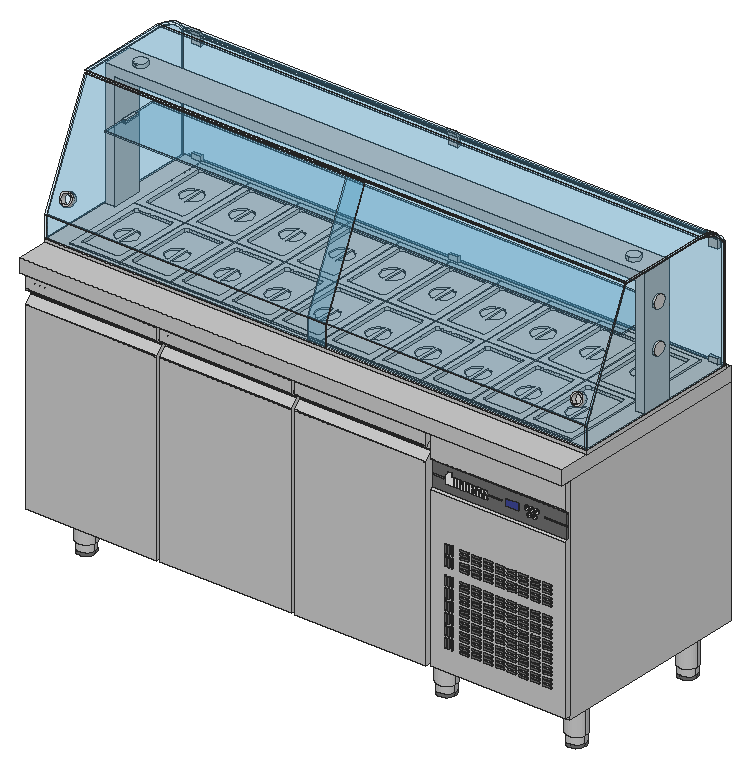
Revit family "QF_INOMAK_ZQFP999_250528111635", category Specialty Equipment, Revit 2021 (continued)
Definition of nested family "QF_INOMAK_REF_WORKTOPS_WTVF_1810_7123"
  Forms (mm)
    Extrusion 37, solid
      sketch origin (0, 1874.578, 46) x (0, 1, 0) y (-1, 0, 0)
        loop
          line (-2162.578, -1590) -> (-2162.578, -1696)
          arc (-2162.578, -1696) -> (-2159.649, -1703.071) -> (-2152.578, -1706) r 10
          line (-2152.578, -1706) -> (-1944.578, -1706)
          arc (-1944.578, -1706) -> (-1937.507, -1703.071) -> (-1934.578, -1696) r 10
          line (-1934.578, -1696) -> (-1934.578, -1590)
      from 0 to 13
    Extrusion 38, solid
      sketch origin (-9, 1874.578, 46) x (0, 1, 0) y (-1, 0, 0)
        loop
          arc (-2420.578, -95) -> (-2427.649, -97.929) -> (-2430.578, -105) r 10
          line (-2430.578, -105) -> (-2430.578, -211)
          arc (-2430.578, -211) -> (-2427.649, -218.071) -> (-2420.578, -221) r 10
          line (-2420.578, -221) -> (-2212.578, -221)
          arc (-2212.578, -221) -> (-2205.507, -218.071) -> (-2202.578, -211) r 10
          line (-2202.578, -211) -> (-2202.578, -105)
          arc (-2202.578, -105) -> (-2205.507, -97.929) -> (-2212.578, -95) r 10
          line (-2212.578, -95) -> (-2420.578, -95)
        loop
          arc (-2282.937, -153) -> (-2317.578, -123) -> (-2352.219, -153) r 35
          line (-2352.219, -153) -> (-2282.937, -153)
        loop
          line (-2282.937, -163) -> (-2352.219, -163)
          arc (-2352.219, -163) -> (-2317.578, -193) -> (-2282.937, -163) r 35
      from 2 to 5
    Extrusion 39, solid
      sketch origin (-9, 1874.578, 46) x (0, 1, 0) y (-1, 0, 0)
        loop
          line (-2182.578, -75) -> (-2450.578, -75) -> (-2450.578, -241) -> (-2182.578, -241) -> (-2182.578, -75)
        loop
          arc (-2202.578, -105) -> (-2205.507, -97.929) -> (-2212.578, -95) r 10
          line (-2212.578, -95) -> (-2420.578, -95)
          arc (-2420.578, -95) -> (-2427.649, -97.929) -> (-2430.578, -105) r 10
          line (-2430.578, -105) -> (-2430.578, -211)
          arc (-2430.578, -211) -> (-2427.649, -218.071) -> (-2420.578, -221) r 10
          line (-2420.578, -221) -> (-2212.578, -221)
          arc (-2212.578, -221) -> (-2205.507, -218.071) -> (-2202.578, -211) r 10
          line (-2202.578, -211) -> (-2202.578, -105)
      from 0 to 13
    Extrusion 40, solid
      sketch origin (-9, 1874.578, 46) x (0, 1, 0) y (-1, 0, 0)
        loop
          arc (-2420.578, -261) -> (-2427.649, -263.929) -> (-2430.578, -271) r 10
          line (-2430.578, -271) -> (-2430.578, -377)
          arc (-2430.578, -377) -> (-2427.649, -384.071) -> (-2420.578, -387) r 10
          line (-2420.578, -387) -> (-2212.578, -387)
          arc (-2212.578, -387) -> (-2205.507, -384.071) -> (-2202.578, -377) r 10
          line (-2202.578, -377) -> (-2202.578, -271)
          arc (-2202.578, -271) -> (-2205.507, -263.929) -> (-2212.578, -261) r 10
          line (-2212.578, -261) -> (-2420.578, -261)
        loop
          arc (-2282.937, -319) -> (-2317.578, -289) -> (-2352.219, -319) r 35
          line (-2352.219, -319) -> (-2282.937, -319)
        loop
          line (-2282.937, -329) -> (-2352.219, -329)
          arc (-2352.219, -329) -> (-2317.578, -359) -> (-2282.937, -329) r 35
      from 2 to 5
    Extrusion 41, solid
      sketch origin (-9, 1874.578, 46) x (0, 1, 0) y (-1, 0, 0)
        loop
          line (-2182.578, -241) -> (-2450.578, -241) -> (-2450.578, -407) -> (-2182.578, -407) -> (-2182.578, -241)
        loop
          arc (-2202.578, -271) -> (-2205.507, -263.929) -> (-2212.578, -261) r 10
          line (-2212.578, -261) -> (-2420.578, -261)
          arc (-2420.578, -261) -> (-2427.649, -263.929) -> (-2430.578, -271) r 10
          line (-2430.578, -271) -> (-2430.578, -377)
          arc (-2430.578, -377) -> (-2427.649, -384.071) -> (-2420.578, -387) r 10
          line (-2420.578, -387) -> (-2212.578, -387)
          arc (-2212.578, -387) -> (-2205.507, -384.071) -> (-2202.578, -377) r 10
          line (-2202.578, -377) -> (-2202.578, -271)
      from 0 to 13
    Extrusion 42, solid
      sketch origin (0, 1874.578, 46) x (0, 1, 0) y (-1, 0, 0)
        loop
          arc (-2420.578, -1248) -> (-2427.649, -1250.929) -> (-2430.578, -1258) r 10
          line (-2430.578, -1258) -> (-2430.578, -1364)
          arc (-2430.578, -1364) -> (-2427.649, -1371.071) -> (-2420.578, -1374) r 10
          line (-2420.578, -1374) -> (-2212.578, -1374)
          arc (-2212.578, -1374) -> (-2205.507, -1371.071) -> (-2202.578, -1364) r 10
          line (-2202.578, -1364) -> (-2202.578, -1258)
          arc (-2202.578, -1258) -> (-2205.507, -1250.929) -> (-2212.578, -1248) r 10
          line (-2212.578, -1248) -> (-2420.578, -1248)
        loop
          arc (-2282.937, -1306) -> (-2317.578, -1276) -> (-2352.219, -1306) r 35
          line (-2352.219, -1306) -> (-2282.937, -1306)
        loop
          line (-2282.937, -1316) -> (-2352.219, -1316)
          arc (-2352.219, -1316) -> (-2317.578, -1346) -> (-2282.937, -1316) r 35
      from 2 to 5
    Extrusion 43, solid
      sketch origin (0, 1874.578, 46) x (0, 1, 0) y (-1, 0, 0)
        loop
          line (-2182.578, -1228) -> (-2450.578, -1228) -> (-2450.578, -1394) -> (-2182.578, -1394) -> (-2182.578, -1228)
        loop
          arc (-2202.578, -1258) -> (-2205.507, -1250.929) -> (-2212.578, -1248) r 10
          line (-2212.578, -1248) -> (-2420.578, -1248)
          arc (-2420.578, -1248) -> (-2427.649, -1250.929) -> (-2430.578, -1258) r 10
          line (-2430.578, -1258) -> (-2430.578, -1364)
          arc (-2430.578, -1364) -> (-2427.649, -1371.071) -> (-2420.578, -1374) r 10
          line (-2420.578, -1374) -> (-2212.578, -1374)
          arc (-2212.578, -1374) -> (-2205.507, -1371.071) -> (-2202.578, -1364) r 10
          line (-2202.578, -1364) -> (-2202.578, -1258)
      from 0 to 13
    Extrusion 44, solid
      sketch origin (0, 1874.578, 46) x (0, 1, 0) y (-1, 0, 0)
        loop
          arc (-2420.578, -1414) -> (-2427.649, -1416.929) -> (-2430.578, -1424) r 10
          line (-2430.578, -1424) -> (-2430.578, -1530)
          arc (-2430.578, -1530) -> (-2427.649, -1537.071) -> (-2420.578, -1540) r 10
          line (-2420.578, -1540) -> (-2212.578, -1540)
          arc (-2212.578, -1540) -> (-2205.507, -1537.071) -> (-2202.578, -1530) r 10
          line (-2202.578, -1530) -> (-2202.578, -1424)
          arc (-2202.578, -1424) -> (-2205.507, -1416.929) -> (-2212.578, -1414) r 10
          line (-2212.578, -1414) -> (-2420.578, -1414)
        loop
          arc (-2282.937, -1472) -> (-2317.578, -1442) -> (-2352.219, -1472) r 35
          line (-2352.219, -1472) -> (-2282.937, -1472)
        loop
          line (-2282.937, -1482) -> (-2352.219, -1482)
          arc (-2352.219, -1482) -> (-2317.578, -1512) -> (-2282.937, -1482) r 35
      from 2 to 5
    Extrusion 45, solid
      sketch origin (0, 1874.578, 46) x (0, 1, 0) y (-1, 0, 0)
        loop
          line (-2182.578, -1394) -> (-2450.578, -1394) -> (-2450.578, -1560) -> (-2182.578, -1560) -> (-2182.578, -1394)
        loop
          arc (-2202.578, -1424) -> (-2205.507, -1416.929) -> (-2212.578, -1414) r 10
          line (-2212.578, -1414) -> (-2420.578, -1414)
          arc (-2420.578, -1414) -> (-2427.649, -1416.929) -> (-2430.578, -1424) r 10
          line (-2430.578, -1424) -> (-2430.578, -1530)
          arc (-2430.578, -1530) -> (-2427.649, -1537.071) -> (-2420.578, -1540) r 10
          line (-2420.578, -1540) -> (-2212.578, -1540)
          arc (-2212.578, -1540) -> (-2205.507, -1537.071) -> (-2202.578, -1530) r 10
          line (-2202.578, -1530) -> (-2202.578, -1424)
      from 0 to 13
    Extrusion 46, solid
      sketch origin (0, 1874.578, 46) x (0, 1, 0) y (-1, 0, 0)
        loop
          arc (-2420.578, -1580) -> (-2427.649, -1582.929) -> (-2430.578, -1590) r 10
          line (-2430.578, -1590) -> (-2430.578, -1696)
          arc (-2430.578, -1696) -> (-2427.649, -1703.071) -> (-2420.578, -1706) r 10
          line (-2420.578, -1706) -> (-2212.578, -1706)
          arc (-2212.578, -1706) -> (-2205.507, -1703.071) -> (-2202.578, -1696) r 10
          line (-2202.578, -1696) -> (-2202.578, -1590)
          arc (-2202.578, -1590) -> (-2205.507, -1582.929) -> (-2212.578, -1580) r 10
          line (-2212.578, -1580) -> (-2420.578, -1580)
        loop
          arc (-2282.937, -1638) -> (-2317.578, -1608) -> (-2352.219, -1638) r 35
          line (-2352.219, -1638) -> (-2282.937, -1638)
        loop
          line (-2282.937, -1648) -> (-2352.219, -1648)
          arc (-2352.219, -1648) -> (-2317.578, -1678) -> (-2282.937, -1648) r 35
      from 2 to 5
    Extrusion 47, solid
      sketch origin (0, 1874.578, 46) x (0, 1, 0) y (-1, 0, 0)
        loop
          line (-2182.578, -1560) -> (-2450.578, -1560) -> (-2450.578, -1726) -> (-2182.578, -1726) -> (-2182.578, -1560)
        loop
          arc (-2202.578, -1590) -> (-2205.507, -1582.929) -> (-2212.578, -1580) r 10
          line (-2212.578, -1580) -> (-2420.578, -1580)
          arc (-2420.578, -1580) -> (-2427.649, -1582.929) -> (-2430.578, -1590) r 10
          line (-2430.578, -1590) -> (-2430.578, -1696)
          arc (-2430.578, -1696) -> (-2427.649, -1703.071) -> (-2420.578, -1706) r 10
          line (-2420.578, -1706) -> (-2212.578, -1706)
          arc (-2212.578, -1706) -> (-2205.507, -1703.071) -> (-2202.578, -1696) r 10
          line (-2202.578, -1696) -> (-2202.578, -1590)
      from 0 to 13
    Extrusion 48, solid
      sketch origin (-9, 1874.578, 46) x (0, 1, 0) y (-1, 0, 0)
        loop
          arc (-2152.578, -427) -> (-2159.649, -429.929) -> (-2162.578, -437) r 10
          line (-2162.578, -437) -> (-2162.578, -543)
          arc (-2162.578, -543) -> (-2159.649, -550.071) -> (-2152.578, -553) r 10
          line (-2152.578, -553) -> (-1944.578, -553)
          arc (-1944.578, -553) -> (-1937.507, -550.071) -> (-1934.578, -543) r 10
          line (-1934.578, -543) -> (-1934.578, -437)
          arc (-1934.578, -437) -> (-1937.507, -429.929) -> (-1944.578, -427) r 10
          line (-1944.578, -427) -> (-2152.578, -427)
        loop
          arc (-2014.937, -485) -> (-2049.578, -455) -> (-2084.219, -485) r 35
          line (-2084.219, -485) -> (-2014.937, -485)
        loop
          line (-2014.937, -495) -> (-2084.219, -495)
          arc (-2084.219, -495) -> (-2049.578, -525) -> (-2014.937, -495) r 35
      from 2 to 5
    Extrusion 49, solid
      sketch origin (-9, 1874.578, 46) x (0, 1, 0) y (-1, 0, 0)
        loop
          line (-1914.578, -407) -> (-2182.578, -407) -> (-2182.578, -573) -> (-1914.578, -573) -> (-1914.578, -407)
        loop
          arc (-1934.578, -437) -> (-1937.507, -429.929) -> (-1944.578, -427) r 10
          line (-1944.578, -427) -> (-2152.578, -427)
          arc (-2152.578, -427) -> (-2159.649, -429.929) -> (-2162.578, -437) r 10
          line (-2162.578, -437) -> (-2162.578, -543)
          arc (-2162.578, -543) -> (-2159.649, -550.071) -> (-2152.578, -553) r 10
          line (-2152.578, -553) -> (-1944.578, -553)
          arc (-1944.578, -553) -> (-1937.507, -550.071) -> (-1934.578, -543) r 10
          line (-1934.578, -543) -> (-1934.578, -437)
      from 0 to 13
    Extrusion 50, solid
      sketch origin (0, 1874.578, 46) x (0, 1, 0) y (-1, 0, 0)
        loop
          arc (-2152.578, -1082) -> (-2159.649, -1084.929) -> (-2162.578, -1092) r 10
          line (-2162.578, -1092) -> (-2162.578, -1198)
          arc (-2162.578, -1198) -> (-2159.649, -1205.071) -> (-2152.578, -1208) r 10
          line (-2152.578, -1208) -> (-1944.578, -1208)
          arc (-1944.578, -1208) -> (-1937.507, -1205.071) -> (-1934.578, -1198) r 10
          line (-1934.578, -1198) -> (-1934.578, -1092)
          arc (-1934.578, -1092) -> (-1937.507, -1084.929) -> (-1944.578, -1082) r 10
          line (-1944.578, -1082) -> (-2152.578, -1082)
        loop
          arc (-2014.937, -1140) -> (-2049.578, -1110) -> (-2084.219, -1140) r 35
          line (-2084.219, -1140) -> (-2014.937, -1140)
        loop
          line (-2014.937, -1150) -> (-2084.219, -1150)
          arc (-2084.219, -1150) -> (-2049.578, -1180) -> (-2014.937, -1150) r 35
      from 2 to 5
    Extrusion 51, solid
      sketch origin (0, 1874.578, 46) x (0, 1, 0) y (-1, 0, 0)
        loop
          line (-1914.578, -1062) -> (-2182.578, -1062) -> (-2182.578, -1228) -> (-1914.578, -1228) -> (-1914.578, -1062)
        loop
          arc (-1934.578, -1092) -> (-1937.507, -1084.929) -> (-1944.578, -1082) r 10
          line (-1944.578, -1082) -> (-2152.578, -1082)
          arc (-2152.578, -1082) -> (-2159.649, -1084.929) -> (-2162.578, -1092) r 10
          line (-2162.578, -1092) -> (-2162.578, -1198)
          arc (-2162.578, -1198) -> (-2159.649, -1205.071) -> (-2152.578, -1208) r 10
          line (-2152.578, -1208) -> (-1944.578, -1208)
          arc (-1944.578, -1208) -> (-1937.507, -1205.071) -> (-1934.578, -1198) r 10
          line (-1934.578, -1198) -> (-1934.578, -1092)
      from 0 to 13
    Extrusion 52, solid
      sketch origin (-9, 1874.578, 46) x (0, 1, 0) y (-1, 0, 0)
        loop
          arc (-2420.578, -427) -> (-2427.649, -429.929) -> (-2430.578, -437) r 10
          line (-2430.578, -437) -> (-2430.578, -543)
          arc (-2430.578, -543) -> (-2427.649, -550.071) -> (-2420.578, -553) r 10
          line (-2420.578, -553) -> (-2212.578, -553)
          arc (-2212.578, -553) -> (-2205.507, -550.071) -> (-2202.578, -543) r 10
          line (-2202.578, -543) -> (-2202.578, -437)
          arc (-2202.578, -437) -> (-2205.507, -429.929) -> (-2212.578, -427) r 10
          line (-2212.578, -427) -> (-2420.578, -427)
        loop
          arc (-2282.937, -485) -> (-2317.578, -455) -> (-2352.219, -485) r 35
          line (-2352.219, -485) -> (-2282.937, -485)
        loop
          line (-2282.937, -495) -> (-2352.219, -495)
          arc (-2352.219, -495) -> (-2317.578, -525) -> (-2282.937, -495) r 35
      from 2 to 5
    Extrusion 53, solid
      sketch origin (-9, 1874.578, 46) x (0, 1, 0) y (-1, 0, 0)
        loop
          line (-2182.578, -407) -> (-2450.578, -407) -> (-2450.578, -573) -> (-2182.578, -573) -> (-2182.578, -407)
        loop
          arc (-2202.578, -437) -> (-2205.507, -429.929) -> (-2212.578, -427) r 10
          line (-2212.578, -427) -> (-2420.578, -427)
          arc (-2420.578, -427) -> (-2427.649, -429.929) -> (-2430.578, -437) r 10
          line (-2430.578, -437) -> (-2430.578, -543)
          arc (-2430.578, -543) -> (-2427.649, -550.071) -> (-2420.578, -553) r 10
          line (-2420.578, -553) -> (-2212.578, -553)
          arc (-2212.578, -553) -> (-2205.507, -550.071) -> (-2202.578, -543) r 10
          line (-2202.578, -543) -> (-2202.578, -437)
      from 0 to 13
    Extrusion 54, solid
      sketch origin (0, 1874.578, 46) x (0, 1, 0) y (-1, 0, 0)
        loop
          arc (-2420.578, -1082) -> (-2427.649, -1084.929) -> (-2430.578, -1092) r 10
          line (-2430.578, -1092) -> (-2430.578, -1198)
          arc (-2430.578, -1198) -> (-2427.649, -1205.071) -> (-2420.578, -1208) r 10
          line (-2420.578, -1208) -> (-2212.578, -1208)
          arc (-2212.578, -1208) -> (-2205.507, -1205.071) -> (-2202.578, -1198) r 10
          line (-2202.578, -1198) -> (-2202.578, -1092)
          arc (-2202.578, -1092) -> (-2205.507, -1084.929) -> (-2212.578, -1082) r 10
          line (-2212.578, -1082) -> (-2420.578, -1082)
        loop
          arc (-2282.937, -1140) -> (-2317.578, -1110) -> (-2352.219, -1140) r 35
          line (-2352.219, -1140) -> (-2282.937, -1140)
        loop
          line (-2282.937, -1150) -> (-2352.219, -1150)
          arc (-2352.219, -1150) -> (-2317.578, -1180) -> (-2282.937, -1150) r 35
      from 2 to 5
    Extrusion 55, solid
      sketch origin (0, 1874.578, 46) x (0, 1, 0) y (-1, 0, 0)
        loop
          line (-2182.578, -1062) -> (-2450.578, -1062) -> (-2450.578, -1228) -> (-2182.578, -1228) -> (-2182.578, -1062)
        loop
          arc (-2202.578, -1092) -> (-2205.507, -1084.929) -> (-2212.578, -1082) r 10
          line (-2212.578, -1082) -> (-2420.578, -1082)
          arc (-2420.578, -1082) -> (-2427.649, -1084.929) -> (-2430.578, -1092) r 10
          line (-2430.578, -1092) -> (-2430.578, -1198)
          arc (-2430.578, -1198) -> (-2427.649, -1205.071) -> (-2420.578, -1208) r 10
          line (-2420.578, -1208) -> (-2212.578, -1208)
          arc (-2212.578, -1208) -> (-2205.507, -1205.071) -> (-2202.578, -1198) r 10
          line (-2202.578, -1198) -> (-2202.578, -1092)
      from 0 to 13
    Extrusion 56, solid
      sketch origin (-9, 1874.578, 46) x (0, 1, 0) y (-1, 0, 0)
        loop
          arc (-2152.578, -593) -> (-2159.649, -595.929) -> (-2162.578, -603) r 10
          line (-2162.578, -603) -> (-2162.578, -709)
          arc (-2162.578, -709) -> (-2159.649, -716.071) -> (-2152.578, -719) r 10
          line (-2152.578, -719) -> (-1944.578, -719)
          arc (-1944.578, -719) -> (-1937.507, -716.071) -> (-1934.578, -709) r 10
          line (-1934.578, -709) -> (-1934.578, -603)
          arc (-1934.578, -603) -> (-1937.507, -595.929) -> (-1944.578, -593) r 10
          line (-1944.578, -593) -> (-2152.578, -593)
        loop
          arc (-2014.937, -651) -> (-2049.578, -621) -> (-2084.219, -651) r 35
          line (-2084.219, -651) -> (-2014.937, -651)
        loop
          line (-2014.937, -661) -> (-2084.219, -661)
          arc (-2084.219, -661) -> (-2049.578, -691) -> (-2014.937, -661) r 35
      from 2 to 5
    Extrusion 57, solid
      sketch origin (-9, 1874.578, 46) x (0, 1, 0) y (-1, 0, 0)
        loop
          line (-1914.578, -573) -> (-2182.578, -573) -> (-2182.578, -739) -> (-1914.578, -739) -> (-1914.578, -573)
        loop
          arc (-1934.578, -603) -> (-1937.507, -595.929) -> (-1944.578, -593) r 10
          line (-1944.578, -593) -> (-2152.578, -593)
          arc (-2152.578, -593) -> (-2159.649, -595.929) -> (-2162.578, -603) r 10
          line (-2162.578, -603) -> (-2162.578, -709)
          arc (-2162.578, -709) -> (-2159.649, -716.071) -> (-2152.578, -719) r 10
          line (-2152.578, -719) -> (-1944.578, -719)
          arc (-1944.578, -719) -> (-1937.507, -716.071) -> (-1934.578, -709) r 10
          line (-1934.578, -709) -> (-1934.578, -603)
      from 0 to 13
    Extrusion 58, solid
      sketch origin (-9, 1874.578, 46) x (0, 1, 0) y (-1, 0, 0)
        loop
          arc (-2152.578, -759) -> (-2159.649, -761.929) -> (-2162.578, -769) r 10
          line (-2162.578, -769) -> (-2162.578, -875)
          arc (-2162.578, -875) -> (-2159.649, -882.071) -> (-2152.578, -885) r 10
          line (-2152.578, -885) -> (-1944.578, -885)
          arc (-1944.578, -885) -> (-1937.507, -882.071) -> (-1934.578, -875) r 10
          line (-1934.578, -875) -> (-1934.578, -769)
          arc (-1934.578, -769) -> (-1937.507, -761.929) -> (-1944.578, -759) r 10
          line (-1944.578, -759) -> (-2152.578, -759)
        loop
          arc (-2014.937, -817) -> (-2049.578, -787) -> (-2084.219, -817) r 35
          line (-2084.219, -817) -> (-2014.937, -817)
        loop
          line (-2014.937, -827) -> (-2084.219, -827)
          arc (-2084.219, -827) -> (-2049.578, -857) -> (-2014.937, -827) r 35
      from 2 to 5
    Extrusion 59, solid
      sketch origin (-9, 1874.578, 46) x (0, 1, 0) y (-1, 0, 0)
        loop
          line (-1914.578, -739) -> (-2182.578, -739) -> (-2182.578, -905) -> (-1914.578, -905) -> (-1914.578, -739)
        loop
          arc (-1934.578, -769) -> (-1937.507, -761.929) -> (-1944.578, -759) r 10
          line (-1944.578, -759) -> (-2152.578, -759)
          arc (-2152.578, -759) -> (-2159.649, -761.929) -> (-2162.578, -769) r 10
          line (-2162.578, -769) -> (-2162.578, -875)
          arc (-2162.578, -875) -> (-2159.649, -882.071) -> (-2152.578, -885) r 10
          line (-2152.578, -885) -> (-1944.578, -885)
          arc (-1944.578, -885) -> (-1937.507, -882.071) -> (-1934.578, -875) r 10
          line (-1934.578, -875) -> (-1934.578, -769)
      from 0 to 13
    Extrusion 60, solid
      sketch origin (-9, 1874.578, 46) x (0, 1, 0) y (-1, 0, 0)
        loop
          arc (-2420.578, -593) -> (-2427.649, -595.929) -> (-2430.578, -603) r 10
          line (-2430.578, -603) -> (-2430.578, -709)
          arc (-2430.578, -709) -> (-2427.649, -716.071) -> (-2420.578, -719) r 10
          line (-2420.578, -719) -> (-2212.578, -719)
          arc (-2212.578, -719) -> (-2205.507, -716.071) -> (-2202.578, -709) r 10
          line (-2202.578, -709) -> (-2202.578, -603)
          arc (-2202.578, -603) -> (-2205.507, -595.929) -> (-2212.578, -593) r 10
          line (-2212.578, -593) -> (-2420.578, -593)
        loop
          arc (-2282.937, -651) -> (-2317.578, -621) -> (-2352.219, -651) r 35
          line (-2352.219, -651) -> (-2282.937, -651)
        loop
          line (-2282.937, -661) -> (-2352.219, -661)
          arc (-2352.219, -661) -> (-2317.578, -691) -> (-2282.937, -661) r 35
      from 2 to 5
    Extrusion 61, solid
      sketch origin (-9, 1874.578, 46) x (0, 1, 0) y (-1, 0, 0)
        loop
          line (-2182.578, -573) -> (-2450.578, -573) -> (-2450.578, -739) -> (-2182.578, -739) -> (-2182.578, -573)
        loop
          arc (-2202.578, -603) -> (-2205.507, -595.929) -> (-2212.578, -593) r 10
          line (-2212.578, -593) -> (-2420.578, -593)
          arc (-2420.578, -593) -> (-2427.649, -595.929) -> (-2430.578, -603) r 10
          line (-2430.578, -603) -> (-2430.578, -709)
          arc (-2430.578, -709) -> (-2427.649, -716.071) -> (-2420.578, -719) r 10
          line (-2420.578, -719) -> (-2212.578, -719)
          arc (-2212.578, -719) -> (-2205.507, -716.071) -> (-2202.578, -709) r 10
          line (-2202.578, -709) -> (-2202.578, -603)
      from 0 to 13
    Extrusion 62, solid
      sketch origin (-9, 1874.578, 46) x (0, 1, 0) y (-1, 0, 0)
        loop
          arc (-2420.578, -759) -> (-2427.649, -761.929) -> (-2430.578, -769) r 10
          line (-2430.578, -769) -> (-2430.578, -875)
          arc (-2430.578, -875) -> (-2427.649, -882.071) -> (-2420.578, -885) r 10
          line (-2420.578, -885) -> (-2212.578, -885)
          arc (-2212.578, -885) -> (-2205.507, -882.071) -> (-2202.578, -875) r 10
          line (-2202.578, -875) -> (-2202.578, -769)
          arc (-2202.578, -769) -> (-2205.507, -761.929) -> (-2212.578, -759) r 10
          line (-2212.578, -759) -> (-2420.578, -759)
        loop
          arc (-2282.937, -817) -> (-2317.578, -787) -> (-2352.219, -817) r 35
          line (-2352.219, -817) -> (-2282.937, -817)
        loop
          line (-2282.937, -827) -> (-2352.219, -827)
          arc (-2352.219, -827) -> (-2317.578, -857) -> (-2282.937, -827) r 35
      from 2 to 5
    Extrusion 63, solid
      sketch origin (-9, 1874.578, 46) x (0, 1, 0) y (-1, 0, 0)
        loop
          line (-2182.578, -739) -> (-2450.578, -739) -> (-2450.578, -905) -> (-2182.578, -905) -> (-2182.578, -739)
        loop
          arc (-2202.578, -769) -> (-2205.507, -761.929) -> (-2212.578, -759) r 10
          line (-2212.578, -759) -> (-2420.578, -759)
          arc (-2420.578, -759) -> (-2427.649, -761.929) -> (-2430.578, -769) r 10
          line (-2430.578, -769) -> (-2430.578, -875)
          arc (-2430.578, -875) -> (-2427.649, -882.071) -> (-2420.578, -885) r 10
          line (-2420.578, -885) -> (-2212.578, -885)
          arc (-2212.578, -885) -> (-2205.507, -882.071) -> (-2202.578, -875) r 10
          line (-2202.578, -875) -> (-2202.578, -769)
      from 0 to 13
    Extrusion 64, solid
      sketch origin (0, 1874.578, 46) x (0, 1, 0) y (-1, 0, 0)
        loop
          arc (-2152.578, -916) -> (-2159.649, -918.929) -> (-2162.578, -926) r 10
          line (-2162.578, -926) -> (-2162.578, -1032)
          arc (-2162.578, -1032) -> (-2159.649, -1039.071) -> (-2152.578, -1042) r 10
          line (-2152.578, -1042) -> (-1944.578, -1042)
          arc (-1944.578, -1042) -> (-1937.507, -1039.071) -> (-1934.578, -1032) r 10
          line (-1934.578, -1032) -> (-1934.578, -926)
          arc (-1934.578, -926) -> (-1937.507, -918.929) -> (-1944.578, -916) r 10
          line (-1944.578, -916) -> (-2152.578, -916)
        loop
          arc (-2014.937, -974) -> (-2049.578, -944) -> (-2084.219, -974) r 35
          line (-2084.219, -974) -> (-2014.937, -974)
        loop
          line (-2014.937, -984) -> (-2084.219, -984)
          arc (-2084.219, -984) -> (-2049.578, -1014) -> (-2014.937, -984) r 35
      from 2 to 5
    Extrusion 65, solid
      sketch origin (0, 1874.578, 46) x (0, 1, 0) y (-1, 0, 0)
        loop
          line (-1914.578, -896) -> (-2182.578, -896) -> (-2182.578, -1062) -> (-1914.578, -1062) -> (-1914.578, -896)
        loop
          arc (-1934.578, -926) -> (-1937.507, -918.929) -> (-1944.578, -916) r 10
          line (-1944.578, -916) -> (-2152.578, -916)
          arc (-2152.578, -916) -> (-2159.649, -918.929) -> (-2162.578, -926) r 10
          line (-2162.578, -926) -> (-2162.578, -1032)
          arc (-2162.578, -1032) -> (-2159.649, -1039.071) -> (-2152.578, -1042) r 10
          line (-2152.578, -1042) -> (-1944.578, -1042)
          arc (-1944.578, -1042) -> (-1937.507, -1039.071) -> (-1934.578, -1032) r 10
          line (-1934.578, -1032) -> (-1934.578, -926)
      from 0 to 13
    Extrusion 66, solid
      sketch origin (0, 1874.578, 46) x (0, 1, 0) y (-1, 0, 0)
        loop
          arc (-2420.578, -916) -> (-2427.649, -918.929) -> (-2430.578, -926) r 10
          line (-2430.578, -926) -> (-2430.578, -1032)
          arc (-2430.578, -1032) -> (-2427.649, -1039.071) -> (-2420.578, -1042) r 10
          line (-2420.578, -1042) -> (-2212.578, -1042)
          arc (-2212.578, -1042) -> (-2205.507, -1039.071) -> (-2202.578, -1032) r 10
          line (-2202.578, -1032) -> (-2202.578, -926)
          arc (-2202.578, -926) -> (-2205.507, -918.929) -> (-2212.578, -916) r 10
          line (-2212.578, -916) -> (-2420.578, -916)
        loop
          arc (-2282.937, -974) -> (-2317.578, -944) -> (-2352.219, -974) r 35
          line (-2352.219, -974) -> (-2282.937, -974)
        loop
          line (-2282.937, -984) -> (-2352.219, -984)
          arc (-2352.219, -984) -> (-2317.578, -1014) -> (-2282.937, -984) r 35
      from 2 to 5
    Extrusion 67, solid
      sketch origin (0, 1874.578, 46) x (0, 1, 0) y (-1, 0, 0)
        loop
          line (-2182.578, -896) -> (-2450.578, -896) -> (-2450.578, -1062) -> (-2182.578, -1062) -> (-2182.578, -896)
        loop
          arc (-2202.578, -926) -> (-2205.507, -918.929) -> (-2212.578, -916) r 10
          line (-2212.578, -916) -> (-2420.578, -916)
          arc (-2420.578, -916) -> (-2427.649, -918.929) -> (-2430.578, -926) r 10
          line (-2430.578, -926) -> (-2430.578, -1032)
          arc (-2430.578, -1032) -> (-2427.649, -1039.071) -> (-2420.578, -1042) r 10
          line (-2420.578, -1042) -> (-2212.578, -1042)
          arc (-2212.578, -1042) -> (-2205.507, -1039.071) -> (-2202.578, -1032) r 10
          line (-2202.578, -1032) -> (-2202.578, -926)
      from 0 to 13
    Extrusion 68, solid
      sketch origin (1741, 0, -853) x (0, -1, 0) y (0, 0, -1)
        loop
          arc (18, -1280.525) -> (25.81, -1291.509) -> (34.712, -1301.629) r 130.514
          line (34.712, -1301.629) -> (41.076, -1295.265)
          arc (41.076, -1295.265) -> (33.636, -1286.884) -> (27, -1277.854) r 121.514
          line (27, -1277.854) -> (27, -1249.94) -> (18, -1249.94) -> (18, -1280.525)
      from 0 to 30
    Extrusion 69, solid
      sketch origin (1011, 0, -853) x (0, -1, 0) y (0, 0, -1)
        loop
          line (18, -899) -> (18, -924) -> (27, -924) -> (27, -899) -> (18, -899)
      from 730 to 760
  Cuts and joins
    Extrusion 9 cuts Extrusion 7
    Extrusion 12 cuts Extrusion 8
  Lines and regions (mm)
    Masking region 1
      outline origin (0, 0, 46) x (0, 1, 0) y (-1, 0, 0)
        loop
          line (0, 0) -> (-800, 0) -> (-800, -1792) -> (0, -1792) -> (0, 0)
    symbolic lines
      curve 1: line (0, -20, 0) -> (1792, -20, 0)
      curve 2: line (1792, -596, 0) -> (0, -596, 0)
      curve 3: line (0, -432.8, 0) -> (1792, -432.8, 0)
      curve 4: line (896, -432.8, 0) -> (896, -596, 0)
      curve 5: spline (72.799, -575.177, 0) -> (72.117, -572.989, 0) -> (70.119, -570.951, 0) -> (66.941, -569.2, 0) -> (62.799, -567.857, 0) -> (57.975, -567.013, 0) -> (52.799, -566.725, 0) -> (47.623, -567.013, 0) -> (42.799, -567.857, 0) -> (38.657, -569.2, 0) -> (35.478, -570.951, 0) -> (33.48, -572.989, 0) -> (32.799, -575.177, 0) -> (33.48, -577.365, 0) -> (35.478, -579.403, 0) -> (38.657, -581.154, 0) -> (42.799, -582.497, 0) -> (47.623, -583.341, 0) -> (52.799, -583.629, 0) -> (57.975, -583.341, 0) -> (62.799, -582.497, 0) -> (66.941, -581.154, 0) -> (70.119, -579.403, 0) -> (72.117, -577.365, 0) -> (72.799, -575.177, 0)
      curve 6: spline (1759.201, -570.645, 0) -> (1758.52, -568.458, 0) -> (1756.522, -566.419, 0) -> (1753.343, -564.669, 0) -> (1749.201, -563.325, 0) -> (1744.377, -562.481, 0) -> (1739.201, -562.193, 0) -> (1734.025, -562.481, 0) -> (1729.201, -563.325, 0) -> (1725.059, -564.669, 0) -> (1721.881, -566.419, 0) -> (1719.883, -568.458, 0) -> (1719.201, -570.645, 0) -> (1719.883, -572.833, 0) -> (1721.881, -574.872, 0) -> (1725.059, -576.622, 0) -> (1729.201, -577.965, 0) -> (1734.025, -578.81, 0) -> (1739.201, -579.098, 0) -> (1744.377, -578.81, 0) -> (1749.201, -577.965, 0) -> (1753.343, -576.622, 0) -> (1756.522, -574.872, 0) -> (1758.52, -572.833, 0) -> (1759.201, -570.645, 0)
      curve 7: line (0, 0, 46) -> (1792, 0, 46)
      curve 8: line (0, -800, 46) -> (0, 0, 46)
      curve 9: line (1792, -800, 46) -> (0, -800, 46)
      curve 10: line (1792, 0, 46) -> (1792, -800, 46)
  Dimensions and locks
    plane 3 "Left" to plane 4 "Right" = 1792 mm
    "Depth Actual": plane 5 "Front" to plane 1 "Back"
    "Worktop thickness": plane 6 "Top" to plane 7 "Worktop bottom"
    "Height AFF": plane 7 "Worktop bottom" to plane 2
    locked: plane 8 to plane 1 "Back" at 596
    aligned and locked: level to plane 2
    aligned and locked: Extrusion 1 sketch curve to plane 6 "Top"
    aligned and locked: plane 5 "Front" to Extrusion 1 sketch curve
    aligned and locked: Extrusion 1 sketch curve to plane 7 "Worktop bottom"
    aligned and locked: Extrusion 1 sketch curve to plane 1 "Back"
  Automatic sketch dimensions
    curve 2 to plane 3 "Left" = 0 mm
    curve 3 to plane 3 "Left" = 0 mm
    curve 1 to plane 3 "Left" = 0 mm
    curve 3 to plane 4 "Right" = 0 mm
    curve 2 to plane 4 "Right" = 0 mm
    curve 1 to plane 4 "Right" = 0 mm
    curve 6 to curve 3 = 137.845 mm
    plane 1 "Back" to curve 1 = 20 mm
    plane 1 "Back" to Extrusion 3 sketch curve = 128.129 mm
    plane 1 "Back" to Extrusion 3 sketch curve = 30 mm
    plane 6 "Top" to Extrusion 3 sketch curve = 10 mm
    Extrusion 3 sketch curve to Extrusion 3 sketch curve = 301.486 mm
    Extrusion 3 sketch curve to Extrusion 3 sketch curve = 66.454 mm
    plane 1 "Back" to Extrusion 6 sketch curve = 30 mm
    Extrusion 6 sketch curve to Extrusion 6 sketch curve = 98.129 mm
    plane 6 "Top" to Extrusion 6 sketch curve = 10 mm
    Extrusion 6 sketch curve to Extrusion 6 sketch curve = 301.486 mm
    Extrusion 6 sketch curve to Extrusion 6 sketch curve = 66.454 mm
    Extrusion 7 sketch curve to Extrusion 7 sketch curve = 5.517 mm
    Extrusion 7 sketch curve to Extrusion 7 sketch curve = 5 mm
    Extrusion 7 sketch curve to Extrusion 7 sketch curve = 351.108 mm
    Extrusion 8 sketch curve to Extrusion 8 sketch curve = 5.517 mm
    Extrusion 8 sketch curve to Extrusion 8 sketch curve = 5 mm
    plane 6 "Top" to Extrusion 8 sketch curve = 430 mm
    Extrusion 9 sketch curve to Extrusion 7 = 59.994 mm
    Extrusion 9 sketch curve to Extrusion 7 = 47.799 mm
    Extrusion 10 sketch curve to Extrusion 10 sketch curve = 0 mm  (x2)
    Extrusion 7 to Extrusion 10 sketch curve = 59.994 mm
    Extrusion 7 to Extrusion 10 sketch curve = 47.799 mm
    Extrusion 11 sketch curve to Extrusion 11 sketch curve = 0 mm  (x2)
    Extrusion 11 sketch curve to Extrusion 8 = 58.886 mm
    Extrusion 8 to Extrusion 11 sketch curve = 47.799 mm
    Extrusion 8 to Extrusion 12 sketch curve = 58.886 mm
    Extrusion 12 sketch curve to Extrusion 8 = 47.799 mm
    Extrusion 13 sketch curve to Extrusion 13 sketch curve = 0 mm  (x2)
    plane 1 "Back" to Extrusion 13 sketch curve = 18 mm
    Extrusion 13 sketch curve to Extrusion 13 sketch curve = 9 mm
    Extrusion 13 sketch curve to Extrusion 13 sketch curve = 7.712 mm
    Extrusion 13 sketch curve to Extrusion 13 sketch curve = 6.364 mm
    Extrusion 13 sketch curve to Extrusion 13 sketch curve = 101.129 mm
    plane 6 "Top" to Extrusion 13 sketch curve = 311.486 mm
    Extrusion 13 sketch curve to Extrusion 13 sketch curve = 39.454 mm
    Extrusion 13 sketch curve to Extrusion 13 sketch curve = 27.914 mm
    Extrusion 13 sketch curve to Extrusion 13 sketch curve = 2.67 mm
    Extrusion 14 sketch curve to Extrusion 14 sketch curve = 0 mm  (x2)
    plane 1 "Back" to Extrusion 14 sketch curve = 18 mm
    Extrusion 14 sketch curve to Extrusion 14 sketch curve = 9 mm
    Extrusion 14 sketch curve to Extrusion 14 sketch curve = 7.712 mm
    Extrusion 14 sketch curve to Extrusion 14 sketch curve = 6.364 mm
    Extrusion 14 sketch curve to Extrusion 14 sketch curve = 101.129 mm
    plane 6 "Top" to Extrusion 14 sketch curve = 311.486 mm
    Extrusion 14 sketch curve to Extrusion 14 sketch curve = 39.454 mm
    Extrusion 14 sketch curve to Extrusion 14 sketch curve = 27.914 mm
    Extrusion 14 sketch curve to Extrusion 14 sketch curve = 2.67 mm
    plane 1 "Back" to Extrusion 15 sketch curve = 18 mm
    Extrusion 15 sketch curve to Extrusion 15 sketch curve = 9 mm
    plane 6 "Top" to Extrusion 15 sketch curve = 0 mm
    Extrusion 15 sketch curve to Extrusion 15 sketch curve = 25 mm
    plane 1 "Back" to Extrusion 16 sketch curve = 18 mm
    Extrusion 16 sketch curve to Extrusion 16 sketch curve = 9 mm
    plane 6 "Top" to Extrusion 16 sketch curve = 0 mm
    Extrusion 16 sketch curve to Extrusion 16 sketch curve = 25 mm
    plane 4 "Right" to Extrusion 17 sketch curve = 5 mm
    Extrusion 17 sketch curve to Extrusion 17 sketch curve = 30 mm  (x2)
    plane 3 "Left" to Extrusion 17 sketch curve = 35 mm
    plane 3 "Left" to Extrusion 17 sketch curve = 5 mm
    plane 6 "Top" to Extrusion 17 sketch curve = 10 mm  (x2)
    Extrusion 17 sketch curve to Extrusion 17 sketch curve = 385 mm
    plane 1 "Back" to Extrusion 18 sketch curve = 300 mm
    plane 6 "Top" to Extrusion 18 sketch curve = 325 mm
    plane 1 "Back" to Extrusion 19 sketch curve = 300 mm
    plane 6 "Top" to Extrusion 19 sketch curve = 185 mm
    plane 1 "Back" to Extrusion 20 sketch curve = 300 mm
    plane 6 "Top" to Extrusion 20 sketch curve = 325 mm
    plane 1 "Back" to Extrusion 21 sketch curve = 300 mm
    plane 6 "Top" to Extrusion 21 sketch curve = 185 mm
    plane 1 "Back" to Extrusion 24 sketch curve = 200 mm
    Extrusion 24 sketch curve to Extrusion 24 sketch curve = 200 mm
    plane 6 "Top" to Extrusion 24 sketch curve = 252.5 mm
    Extrusion 24 sketch curve to Extrusion 24 sketch curve = 5 mm
    plane 3 "Left" to Extrusion 25 sketch curve = 50 mm
    Extrusion 25 sketch curve to Extrusion 25 sketch curve = 0 mm
    Extrusion 25 sketch curve to Extrusion 25 sketch curve = 13 mm
    Extrusion 25 sketch curve to Extrusion 25 sketch curve = 2 mm  (x3)
    plane 6 "Top" to Extrusion 25 sketch curve = 250.5 mm
    Extrusion 25 sketch curve to Extrusion 25 sketch curve = 5 mm
    plane 4 "Right" to Extrusion 26 sketch curve = 50 mm
    Extrusion 26 sketch curve to Extrusion 26 sketch curve = 0 mm
    Extrusion 26 sketch curve to Extrusion 26 sketch curve = 13 mm
    Extrusion 26 sketch curve to Extrusion 26 sketch curve = 2 mm  (x3)
    plane 6 "Top" to Extrusion 26 sketch curve = 259.5 mm
    Extrusion 26 sketch curve to Extrusion 26 sketch curve = 5 mm
    Extrusion 68 sketch curve to Extrusion 68 sketch curve = 0 mm  (x2)
    plane 1 "Back" to Extrusion 68 sketch curve = 18 mm
    Extrusion 68 sketch curve to Extrusion 68 sketch curve = 9 mm
    Extrusion 68 sketch curve to Extrusion 68 sketch curve = 7.712 mm
    Extrusion 68 sketch curve to Extrusion 68 sketch curve = 6.364 mm  (x2)
    Extrusion 68 sketch curve to Extrusion 68 sketch curve = 101.129 mm
    plane 6 "Top" to Extrusion 68 sketch curve = 402.629 mm
    Extrusion 68 sketch curve to Extrusion 68 sketch curve = 21.104 mm
    Extrusion 68 sketch curve to Extrusion 68 sketch curve = 27.914 mm
    plane 1 "Back" to Extrusion 69 sketch curve = 18 mm
    Extrusion 69 sketch curve to Extrusion 69 sketch curve = 9 mm
    plane 6 "Top" to Extrusion 69 sketch curve = 25 mm
    Extrusion 69 sketch curve to Extrusion 69 sketch curve = 25 mm
    Extrusion 5 sketch curve to Extrusion 5 sketch curve = 20 mm
    plane 1 "Back" to Extrusion 5 sketch curve = 40 mm
    plane 1 "Back" to Extrusion 5 sketch curve = 20 mm
    plane 3 "Left" to Extrusion 5 sketch curve = 66 mm
    Extrusion 27 sketch curve to Extrusion 27 sketch curve = 0 mm  (x3)
    plane 1 "Back" to Extrusion 27 sketch curve = 288 mm
    Extrusion 27 sketch curve to Extrusion 27 sketch curve = 10 mm  (x4)
    Extrusion 27 sketch curve to Extrusion 27 sketch curve = 68.359 mm
    Extrusion 27 sketch curve to Extrusion 27 sketch curve = 34.641 mm
    plane 1 "Back" to Extrusion 27 sketch curve = 70 mm  (x2)
    plane 3 "Left" to Extrusion 27 sketch curve = 212 mm
    Extrusion 27 sketch curve to Extrusion 27 sketch curve = 48 mm  (x2)
    Extrusion 27 sketch curve to Extrusion 27 sketch curve = 5 mm
    plane 1 "Back" to Extrusion 28 sketch curve = 40 mm
    plane 4 "Right" to Extrusion 28 sketch curve = 75 mm
    plane 1 "Back" to Extrusion 29 sketch curve = 308 mm
    Extrusion 29 sketch curve to Extrusion 29 sketch curve = 20 mm  (x3)
    Extrusion 29 sketch curve to Extrusion 29 sketch curve = 10 mm  (x3)
    plane 1 "Back" to Extrusion 29 sketch curve = 70 mm  (x2)
    plane 3 "Left" to Extrusion 29 sketch curve = 232 mm
    plane 3 "Left" to Extrusion 29 sketch curve = 96 mm
    Extrusion 29 sketch curve to Extrusion 29 sketch curve = 30 mm
    Extrusion 30 sketch curve to Extrusion 30 sketch curve = 0 mm  (x3)
    plane 1 "Back" to Extrusion 30 sketch curve = 288 mm
    Extrusion 30 sketch curve to Extrusion 30 sketch curve = 10 mm  (x4)
    Extrusion 30 sketch curve to Extrusion 30 sketch curve = 68.359 mm
    Extrusion 30 sketch curve to Extrusion 30 sketch curve = 34.641 mm
    plane 1 "Back" to Extrusion 30 sketch curve = 70 mm  (x2)
    plane 3 "Left" to Extrusion 30 sketch curve = 378 mm
    Extrusion 30 sketch curve to Extrusion 30 sketch curve = 48 mm  (x2)
    Extrusion 30 sketch curve to Extrusion 30 sketch curve = 5 mm
    plane 1 "Back" to Extrusion 31 sketch curve = 308 mm
    Extrusion 31 sketch curve to Extrusion 31 sketch curve = 20 mm  (x3)
    Extrusion 31 sketch curve to Extrusion 31 sketch curve = 10 mm  (x3)
    plane 1 "Back" to Extrusion 31 sketch curve = 70 mm  (x2)
    plane 3 "Left" to Extrusion 31 sketch curve = 398 mm
    Extrusion 31 sketch curve to Extrusion 31 sketch curve = 106 mm
    Extrusion 31 sketch curve to Extrusion 31 sketch curve = 30 mm
    Extrusion 32 sketch curve to Extrusion 32 sketch curve = 0 mm  (x3)
    plane 1 "Back" to Extrusion 32 sketch curve = 288 mm
    Extrusion 32 sketch curve to Extrusion 32 sketch curve = 10 mm  (x4)
    Extrusion 32 sketch curve to Extrusion 32 sketch curve = 68.359 mm
    Extrusion 32 sketch curve to Extrusion 32 sketch curve = 34.641 mm
    plane 1 "Back" to Extrusion 32 sketch curve = 70 mm  (x2)
    plane 4 "Right" to Extrusion 32 sketch curve = 418 mm
    Extrusion 32 sketch curve to Extrusion 32 sketch curve = 48 mm  (x2)
    Extrusion 32 sketch curve to Extrusion 32 sketch curve = 5 mm
    plane 1 "Back" to Extrusion 33 sketch curve = 308 mm
    Extrusion 33 sketch curve to Extrusion 33 sketch curve = 20 mm  (x3)
    Extrusion 33 sketch curve to Extrusion 33 sketch curve = 10 mm  (x3)
    plane 1 "Back" to Extrusion 33 sketch curve = 70 mm  (x2)
    Extrusion 33 sketch curve to Extrusion 33 sketch curve = 30 mm
    plane 4 "Right" to Extrusion 33 sketch curve = 398 mm
    Extrusion 33 sketch curve to Extrusion 33 sketch curve = 106 mm
    Extrusion 34 sketch curve to Extrusion 34 sketch curve = 0 mm  (x3)
    plane 1 "Back" to Extrusion 34 sketch curve = 288 mm
    Extrusion 34 sketch curve to Extrusion 34 sketch curve = 10 mm  (x4)
    Extrusion 34 sketch curve to Extrusion 34 sketch curve = 68.359 mm
    Extrusion 34 sketch curve to Extrusion 34 sketch curve = 34.641 mm
    plane 1 "Back" to Extrusion 34 sketch curve = 70 mm  (x2)
    plane 4 "Right" to Extrusion 34 sketch curve = 252 mm
    Extrusion 34 sketch curve to Extrusion 34 sketch curve = 48 mm  (x2)
    Extrusion 34 sketch curve to Extrusion 34 sketch curve = 5 mm
    plane 1 "Back" to Extrusion 35 sketch curve = 308 mm
    Extrusion 35 sketch curve to Extrusion 35 sketch curve = 20 mm  (x3)
    Extrusion 35 sketch curve to Extrusion 35 sketch curve = 10 mm  (x3)
    plane 1 "Back" to Extrusion 35 sketch curve = 70 mm  (x2)
    plane 4 "Right" to Extrusion 35 sketch curve = 232 mm
    Extrusion 35 sketch curve to Extrusion 35 sketch curve = 106 mm
    Extrusion 35 sketch curve to Extrusion 35 sketch curve = 30 mm
    Extrusion 36 sketch curve to Extrusion 36 sketch curve = 0 mm  (x3)
    plane 1 "Back" to Extrusion 36 sketch curve = 288 mm
    Extrusion 36 sketch curve to Extrusion 36 sketch curve = 10 mm  (x4)
    Extrusion 36 sketch curve to Extrusion 36 sketch curve = 68.359 mm
    Extrusion 36 sketch curve to Extrusion 36 sketch curve = 34.641 mm
    plane 1 "Back" to Extrusion 36 sketch curve = 70 mm  (x2)
    plane 4 "Right" to Extrusion 36 sketch curve = 86 mm
    Extrusion 36 sketch curve to Extrusion 36 sketch curve = 48 mm  (x2)
    Extrusion 36 sketch curve to Extrusion 36 sketch curve = 5 mm
    plane 4 "Right" to Extrusion 37 sketch curve = 66 mm
    plane 1 "Back" to Extrusion 37 sketch curve = 308 mm
    Extrusion 37 sketch curve to Extrusion 37 sketch curve = 20 mm  (x3)
    Extrusion 37 sketch curve to Extrusion 37 sketch curve = 10 mm  (x3)
    plane 1 "Back" to Extrusion 37 sketch curve = 70 mm  (x2)
    Extrusion 37 sketch curve to Extrusion 37 sketch curve = 106 mm
    Extrusion 37 sketch curve to Extrusion 37 sketch curve = 30 mm
    Extrusion 38 sketch curve to Extrusion 38 sketch curve = 0 mm  (x5)
    Extrusion 38 sketch curve to Extrusion 38 sketch curve = 10 mm  (x4)
    Extrusion 38 sketch curve to Extrusion 38 sketch curve = 68.359 mm
    Extrusion 38 sketch curve to Extrusion 38 sketch curve = 34.641 mm
    Extrusion 38 sketch curve to Extrusion 38 sketch curve = 70.359 mm  (x2)
    plane 3 "Left" to Extrusion 38 sketch curve = 212 mm
    Extrusion 38 sketch curve to Extrusion 38 sketch curve = 48 mm  (x2)
    Extrusion 39 sketch curve to Extrusion 39 sketch curve = 20 mm  (x2)
    Extrusion 39 sketch curve to Extrusion 39 sketch curve = 10 mm  (x3)
    Extrusion 39 sketch curve to Extrusion 39 sketch curve = 208 mm
    Extrusion 39 sketch curve to Extrusion 39 sketch curve = 0 mm
    Extrusion 39 sketch curve to Extrusion 39 sketch curve = 30 mm  (x2)
    plane 3 "Left" to Extrusion 39 sketch curve = 232 mm
    plane 3 "Left" to Extrusion 39 sketch curve = 96 mm
    Extrusion 40 sketch curve to Extrusion 40 sketch curve = 0 mm  (x5)
    Extrusion 40 sketch curve to Extrusion 40 sketch curve = 10 mm  (x4)
    Extrusion 40 sketch curve to Extrusion 40 sketch curve = 68.359 mm
    Extrusion 40 sketch curve to Extrusion 40 sketch curve = 34.641 mm
    Extrusion 40 sketch curve to Extrusion 40 sketch curve = 70.359 mm  (x2)
    plane 3 "Left" to Extrusion 40 sketch curve = 378 mm
    Extrusion 40 sketch curve to Extrusion 40 sketch curve = 48 mm  (x2)
    Extrusion 41 sketch curve to Extrusion 41 sketch curve = 20 mm  (x3)
    Extrusion 41 sketch curve to Extrusion 41 sketch curve = 10 mm  (x3)
    Extrusion 41 sketch curve to Extrusion 41 sketch curve = 208 mm
    Extrusion 41 sketch curve to Extrusion 41 sketch curve = 0 mm
    plane 3 "Left" to Extrusion 41 sketch curve = 398 mm
    Extrusion 41 sketch curve to Extrusion 41 sketch curve = 106 mm
    Extrusion 42 sketch curve to Extrusion 42 sketch curve = 0 mm  (x5)
    Extrusion 42 sketch curve to Extrusion 42 sketch curve = 10 mm  (x4)
    Extrusion 42 sketch curve to Extrusion 42 sketch curve = 68.359 mm
    Extrusion 42 sketch curve to Extrusion 42 sketch curve = 34.641 mm
    Extrusion 42 sketch curve to Extrusion 42 sketch curve = 70.359 mm  (x2)
    plane 4 "Right" to Extrusion 42 sketch curve = 418 mm
    Extrusion 42 sketch curve to Extrusion 42 sketch curve = 5 mm
    Extrusion 42 sketch curve to Extrusion 42 sketch curve = 48 mm  (x2)
    Extrusion 43 sketch curve to Extrusion 43 sketch curve = 20 mm  (x3)
    Extrusion 43 sketch curve to Extrusion 43 sketch curve = 10 mm  (x3)
    Extrusion 43 sketch curve to Extrusion 43 sketch curve = 208 mm
    Extrusion 43 sketch curve to Extrusion 43 sketch curve = 0 mm
    Extrusion 43 sketch curve to Extrusion 43 sketch curve = 30 mm
    plane 4 "Right" to Extrusion 43 sketch curve = 398 mm
    Extrusion 43 sketch curve to Extrusion 43 sketch curve = 106 mm
    Extrusion 44 sketch curve to Extrusion 44 sketch curve = 0 mm  (x5)
    Extrusion 44 sketch curve to Extrusion 44 sketch curve = 10 mm  (x4)
    Extrusion 44 sketch curve to Extrusion 44 sketch curve = 68.359 mm
    Extrusion 44 sketch curve to Extrusion 44 sketch curve = 34.641 mm
    Extrusion 44 sketch curve to Extrusion 44 sketch curve = 70.359 mm  (x2)
    plane 4 "Right" to Extrusion 44 sketch curve = 252 mm
    Extrusion 44 sketch curve to Extrusion 44 sketch curve = 5 mm
    Extrusion 44 sketch curve to Extrusion 44 sketch curve = 48 mm  (x2)
    Extrusion 45 sketch curve to Extrusion 45 sketch curve = 20 mm  (x3)
    Extrusion 45 sketch curve to Extrusion 45 sketch curve = 10 mm  (x3)
    Extrusion 45 sketch curve to Extrusion 45 sketch curve = 208 mm
    Extrusion 45 sketch curve to Extrusion 45 sketch curve = 0 mm
    plane 4 "Right" to Extrusion 45 sketch curve = 232 mm
    Extrusion 45 sketch curve to Extrusion 45 sketch curve = 106 mm
    Extrusion 46 sketch curve to Extrusion 46 sketch curve = 0 mm  (x5)
    Extrusion 46 sketch curve to Extrusion 46 sketch curve = 10 mm  (x4)
    Extrusion 46 sketch curve to Extrusion 46 sketch curve = 68.359 mm
    Extrusion 46 sketch curve to Extrusion 46 sketch curve = 34.641 mm
    Extrusion 46 sketch curve to Extrusion 46 sketch curve = 70.359 mm  (x2)
    plane 4 "Right" to Extrusion 46 sketch curve = 86 mm
    Extrusion 46 sketch curve to Extrusion 46 sketch curve = 5 mm
    Extrusion 46 sketch curve to Extrusion 46 sketch curve = 48 mm  (x2)
    Extrusion 47 sketch curve to Extrusion 47 sketch curve = 20 mm  (x3)
    Extrusion 47 sketch curve to Extrusion 47 sketch curve = 10 mm  (x3)
    Extrusion 47 sketch curve to Extrusion 47 sketch curve = 208 mm
    Extrusion 47 sketch curve to Extrusion 47 sketch curve = 0 mm
    plane 4 "Right" to Extrusion 47 sketch curve = 66 mm
    Extrusion 47 sketch curve to Extrusion 47 sketch curve = 106 mm
    Extrusion 48 sketch curve to Extrusion 48 sketch curve = 0 mm  (x3)
    plane 1 "Back" to Extrusion 48 sketch curve = 288 mm
    Extrusion 48 sketch curve to Extrusion 48 sketch curve = 10 mm  (x4)
    Extrusion 48 sketch curve to Extrusion 48 sketch curve = 68.359 mm
    Extrusion 48 sketch curve to Extrusion 48 sketch curve = 34.641 mm
    plane 1 "Back" to Extrusion 48 sketch curve = 70 mm  (x2)
    plane 3 "Left" to Extrusion 48 sketch curve = 544 mm
    Extrusion 48 sketch curve to Extrusion 48 sketch curve = 48 mm  (x2)
    Extrusion 48 sketch curve to Extrusion 48 sketch curve = 5 mm
    plane 1 "Back" to Extrusion 49 sketch curve = 308 mm
    Extrusion 49 sketch curve to Extrusion 49 sketch curve = 20 mm  (x3)
    Extrusion 49 sketch curve to Extrusion 49 sketch curve = 10 mm  (x3)
    plane 1 "Back" to Extrusion 49 sketch curve = 70 mm  (x2)
    plane 3 "Left" to Extrusion 49 sketch curve = 564 mm
    Extrusion 49 sketch curve to Extrusion 49 sketch curve = 106 mm
    Extrusion 49 sketch curve to Extrusion 49 sketch curve = 30 mm
    Extrusion 50 sketch curve to Extrusion 50 sketch curve = 0 mm  (x3)
    plane 1 "Back" to Extrusion 50 sketch curve = 288 mm
    Extrusion 50 sketch curve to Extrusion 50 sketch curve = 10 mm  (x4)
    Extrusion 50 sketch curve to Extrusion 50 sketch curve = 68.359 mm
    Extrusion 50 sketch curve to Extrusion 50 sketch curve = 34.641 mm
    plane 1 "Back" to Extrusion 50 sketch curve = 70 mm  (x2)
    plane 4 "Right" to Extrusion 50 sketch curve = 584 mm
    Extrusion 50 sketch curve to Extrusion 50 sketch curve = 48 mm  (x2)
    Extrusion 50 sketch curve to Extrusion 50 sketch curve = 5 mm
    plane 1 "Back" to Extrusion 51 sketch curve = 308 mm
    Extrusion 51 sketch curve to Extrusion 51 sketch curve = 20 mm  (x3)
    Extrusion 51 sketch curve to Extrusion 51 sketch curve = 10 mm  (x3)
    plane 1 "Back" to Extrusion 51 sketch curve = 70 mm  (x2)
    Extrusion 51 sketch curve to Extrusion 51 sketch curve = 30 mm
    plane 4 "Right" to Extrusion 51 sketch curve = 564 mm
    Extrusion 51 sketch curve to Extrusion 51 sketch curve = 106 mm
    Extrusion 52 sketch curve to Extrusion 52 sketch curve = 0 mm  (x5)
    Extrusion 52 sketch curve to Extrusion 52 sketch curve = 10 mm  (x4)
    Extrusion 52 sketch curve to Extrusion 52 sketch curve = 68.359 mm
    Extrusion 52 sketch curve to Extrusion 52 sketch curve = 34.641 mm
    Extrusion 52 sketch curve to Extrusion 52 sketch curve = 70.359 mm  (x2)
    plane 3 "Left" to Extrusion 52 sketch curve = 544 mm
    Extrusion 52 sketch curve to Extrusion 52 sketch curve = 5 mm
    Extrusion 52 sketch curve to Extrusion 52 sketch curve = 48 mm  (x2)
    Extrusion 53 sketch curve to Extrusion 53 sketch curve = 20 mm  (x3)
    Extrusion 53 sketch curve to Extrusion 53 sketch curve = 10 mm  (x3)
    Extrusion 53 sketch curve to Extrusion 53 sketch curve = 208 mm
    Extrusion 53 sketch curve to Extrusion 53 sketch curve = 0 mm
    plane 3 "Left" to Extrusion 53 sketch curve = 564 mm
    Extrusion 53 sketch curve to Extrusion 53 sketch curve = 106 mm
    Extrusion 54 sketch curve to Extrusion 54 sketch curve = 0 mm  (x5)
    Extrusion 54 sketch curve to Extrusion 54 sketch curve = 10 mm  (x4)
    Extrusion 54 sketch curve to Extrusion 54 sketch curve = 68.359 mm
    Extrusion 54 sketch curve to Extrusion 54 sketch curve = 34.641 mm
    Extrusion 54 sketch curve to Extrusion 54 sketch curve = 70.359 mm  (x2)
    plane 4 "Right" to Extrusion 54 sketch curve = 584 mm
    Extrusion 54 sketch curve to Extrusion 54 sketch curve = 5 mm
    Extrusion 54 sketch curve to Extrusion 54 sketch curve = 48 mm  (x2)
    Extrusion 55 sketch curve to Extrusion 55 sketch curve = 20 mm  (x3)
    Extrusion 55 sketch curve to Extrusion 55 sketch curve = 10 mm  (x3)
    Extrusion 55 sketch curve to Extrusion 55 sketch curve = 208 mm
    Extrusion 55 sketch curve to Extrusion 55 sketch curve = 0 mm
    Extrusion 55 sketch curve to Extrusion 55 sketch curve = 30 mm
    plane 4 "Right" to Extrusion 55 sketch curve = 564 mm
    Extrusion 55 sketch curve to Extrusion 55 sketch curve = 106 mm
    Extrusion 56 sketch curve to Extrusion 56 sketch curve = 0 mm  (x3)
    plane 1 "Back" to Extrusion 56 sketch curve = 288 mm
    Extrusion 56 sketch curve to Extrusion 56 sketch curve = 10 mm  (x4)
    Extrusion 56 sketch curve to Extrusion 56 sketch curve = 68.359 mm
    Extrusion 56 sketch curve to Extrusion 56 sketch curve = 34.641 mm
    plane 1 "Back" to Extrusion 56 sketch curve = 70 mm  (x2)
    plane 3 "Left" to Extrusion 56 sketch curve = 710 mm
    Extrusion 56 sketch curve to Extrusion 56 sketch curve = 48 mm  (x2)
    Extrusion 56 sketch curve to Extrusion 56 sketch curve = 5 mm
    plane 1 "Back" to Extrusion 57 sketch curve = 308 mm
    Extrusion 57 sketch curve to Extrusion 57 sketch curve = 20 mm  (x3)
    Extrusion 57 sketch curve to Extrusion 57 sketch curve = 10 mm  (x3)
    plane 1 "Back" to Extrusion 57 sketch curve = 70 mm  (x2)
    plane 3 "Left" to Extrusion 57 sketch curve = 730 mm
    Extrusion 57 sketch curve to Extrusion 57 sketch curve = 106 mm
    Extrusion 57 sketch curve to Extrusion 57 sketch curve = 30 mm
    Extrusion 58 sketch curve to Extrusion 58 sketch curve = 0 mm  (x3)
    plane 1 "Back" to Extrusion 58 sketch curve = 288 mm
    Extrusion 58 sketch curve to Extrusion 58 sketch curve = 10 mm  (x4)
    Extrusion 58 sketch curve to Extrusion 58 sketch curve = 68.359 mm
    Extrusion 58 sketch curve to Extrusion 58 sketch curve = 34.641 mm
    plane 1 "Back" to Extrusion 58 sketch curve = 70 mm  (x2)
    plane 3 "Left" to Extrusion 58 sketch curve = 876 mm
    Extrusion 58 sketch curve to Extrusion 58 sketch curve = 48 mm  (x2)
    Extrusion 58 sketch curve to Extrusion 58 sketch curve = 5 mm
    plane 1 "Back" to Extrusion 59 sketch curve = 308 mm
    Extrusion 59 sketch curve to Extrusion 59 sketch curve = 20 mm  (x3)
    Extrusion 59 sketch curve to Extrusion 59 sketch curve = 10 mm  (x3)
    plane 1 "Back" to Extrusion 59 sketch curve = 70 mm  (x2)
    plane 3 "Left" to Extrusion 59 sketch curve = 896 mm
    Extrusion 59 sketch curve to Extrusion 59 sketch curve = 106 mm
    Extrusion 59 sketch curve to Extrusion 59 sketch curve = 30 mm
    Extrusion 60 sketch curve to Extrusion 60 sketch curve = 0 mm  (x5)
    Extrusion 60 sketch curve to Extrusion 60 sketch curve = 10 mm  (x4)
    Extrusion 60 sketch curve to Extrusion 60 sketch curve = 68.359 mm
    Extrusion 60 sketch curve to Extrusion 60 sketch curve = 34.641 mm
    Extrusion 60 sketch curve to Extrusion 60 sketch curve = 70.359 mm  (x2)
    plane 3 "Left" to Extrusion 60 sketch curve = 710 mm
    Extrusion 60 sketch curve to Extrusion 60 sketch curve = 5 mm
    Extrusion 60 sketch curve to Extrusion 60 sketch curve = 48 mm  (x2)
    Extrusion 61 sketch curve to Extrusion 61 sketch curve = 20 mm  (x2)
    Extrusion 61 sketch curve to Extrusion 61 sketch curve = 10 mm  (x3)
    Extrusion 61 sketch curve to Extrusion 61 sketch curve = 208 mm
    Extrusion 61 sketch curve to Extrusion 61 sketch curve = 0 mm
    Extrusion 61 sketch curve to Extrusion 61 sketch curve = 30 mm  (x2)
    plane 3 "Left" to Extrusion 61 sketch curve = 730 mm
    Extrusion 61 sketch curve to Extrusion 61 sketch curve = 106 mm
    Extrusion 62 sketch curve to Extrusion 62 sketch curve = 0 mm  (x5)
    Extrusion 62 sketch curve to Extrusion 62 sketch curve = 10 mm  (x4)
    Extrusion 62 sketch curve to Extrusion 62 sketch curve = 68.359 mm
    Extrusion 62 sketch curve to Extrusion 62 sketch curve = 34.641 mm
    Extrusion 62 sketch curve to Extrusion 62 sketch curve = 70.359 mm  (x2)
    plane 3 "Left" to Extrusion 62 sketch curve = 876 mm
    Extrusion 62 sketch curve to Extrusion 62 sketch curve = 5 mm
    Extrusion 62 sketch curve to Extrusion 62 sketch curve = 48 mm  (x2)
    Extrusion 63 sketch curve to Extrusion 63 sketch curve = 20 mm  (x2)
    Extrusion 63 sketch curve to Extrusion 63 sketch curve = 10 mm  (x3)
    Extrusion 63 sketch curve to Extrusion 63 sketch curve = 208 mm
    Extrusion 63 sketch curve to Extrusion 63 sketch curve = 0 mm
    Extrusion 63 sketch curve to Extrusion 63 sketch curve = 30 mm  (x2)
    plane 3 "Left" to Extrusion 63 sketch curve = 896 mm
    Extrusion 63 sketch curve to Extrusion 63 sketch curve = 106 mm
    Extrusion 64 sketch curve to Extrusion 64 sketch curve = 0 mm  (x3)
    plane 1 "Back" to Extrusion 64 sketch curve = 288 mm
    Extrusion 64 sketch curve to Extrusion 64 sketch curve = 10 mm  (x4)
    Extrusion 64 sketch curve to Extrusion 64 sketch curve = 68.359 mm
    Extrusion 64 sketch curve to Extrusion 64 sketch curve = 34.641 mm
    plane 1 "Back" to Extrusion 64 sketch curve = 70 mm  (x2)
    plane 4 "Right" to Extrusion 64 sketch curve = 750 mm
    Extrusion 64 sketch curve to Extrusion 64 sketch curve = 48 mm  (x2)
    Extrusion 64 sketch curve to Extrusion 64 sketch curve = 5 mm
    plane 1 "Back" to Extrusion 65 sketch curve = 308 mm
    Extrusion 65 sketch curve to Extrusion 65 sketch curve = 20 mm  (x3)
    Extrusion 65 sketch curve to Extrusion 65 sketch curve = 10 mm  (x3)
    plane 1 "Back" to Extrusion 65 sketch curve = 70 mm  (x2)
    plane 4 "Right" to Extrusion 65 sketch curve = 730 mm
    Extrusion 65 sketch curve to Extrusion 65 sketch curve = 106 mm
    Extrusion 65 sketch curve to Extrusion 65 sketch curve = 30 mm
    Extrusion 66 sketch curve to Extrusion 66 sketch curve = 0 mm  (x5)
    Extrusion 66 sketch curve to Extrusion 66 sketch curve = 10 mm  (x4)
    Extrusion 66 sketch curve to Extrusion 66 sketch curve = 68.359 mm
    Extrusion 66 sketch curve to Extrusion 66 sketch curve = 34.641 mm
    Extrusion 66 sketch curve to Extrusion 66 sketch curve = 70.359 mm  (x2)
    plane 4 "Right" to Extrusion 66 sketch curve = 750 mm
    Extrusion 66 sketch curve to Extrusion 66 sketch curve = 5 mm
    Extrusion 66 sketch curve to Extrusion 66 sketch curve = 48 mm  (x2)
    Extrusion 67 sketch curve to Extrusion 67 sketch curve = 20 mm  (x2)
